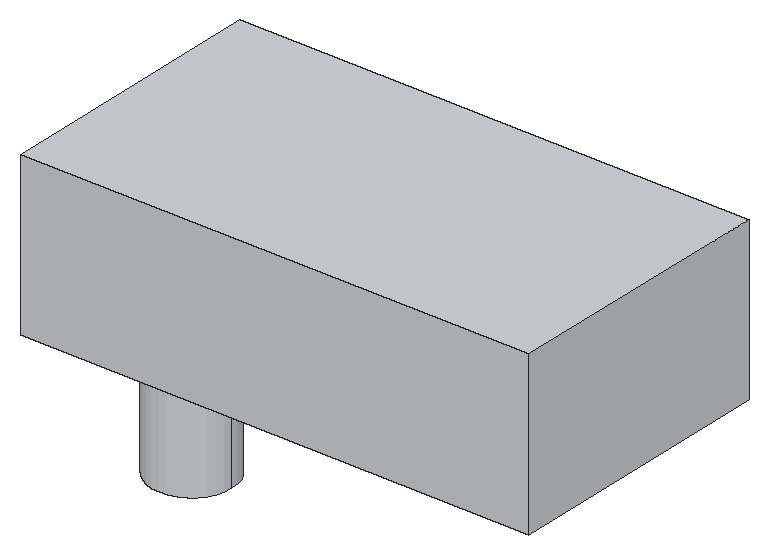
Revit family "StructuralFoundations_PileFoundation-Freeform", category Structural Foundations, Revit 2022
Family settings
  Material for Model Behavior = Concrete
  Cap = Yes
  OmniClass Number = 23.25.05.00
  OmniClass Title = Foundations
  Work Plane-Based = Yes
  Always vertical = Yes
  Cut with Voids When Loaded = No
  Shared = Yes
Parameters (values of type "PileFoundation_Freeform")
  Width = 0 mm
  Void Position Top = ((Depth - Pile Embedment) * -1)  # -925 mm
  VL_STR/GEO DA1 COMB 2 Min (kN) [instance] = ""
  VL_STR/GEO DA1 COMB 2 Max (kN) [instance] = ""
  VL_STR/GEO DA1 COMB 1 Min (kN) [instance] = ""
  VL_STR/GEO DA1 COMB 1 Max (kN) [instance] = ""
  VL_SLS Min (kN) [instance] = ""
  VL_SLS Max (kN) [instance] = ""
  VL_ADD. LIMIT STATE Min (kN) [instance] = ""
  VL_ADD. LIMIT STATE Max (kN) [instance] = ""
  Tension/Compression [instance] = ""
  Structural Material = <By Category>
  Radius = 250 mm
  Pile Insertion Vertical Offset = Depth * -1  # -1000 mm
  Pile Embedment Numerical = Pile Embedment / 1 mm  # 75
  Pile Embedment = 75 mm  # constant formula
  Pile Depth Numerical [instance] = Pile Depth / 1 mm  # 1000
  Pile Depth [instance] = 1000 mm
  ML_STR/GEO DA1 COMB 2 Max (kNm) [instance] = ""
  ML_STR/GEO DA1 COMB 1 Max (kNm) [instance] = ""
  ML_SLS Max (kNm) [instance] = ""
  ML_ADD. LIMIT STATE Max (kNm) [instance] = ""
  Length = 0 mm
  HL_STR/GEO DA1 COMB 2 Max (kN) [instance] = ""
  HL_STR/GEO DA1 COMB 1 Max (kN) [instance] = ""
  HL_SLS Max (kN) [instance] = ""
  HL_ADD. LIMIT STATE Max (kN) [instance] = ""
  Foundation Thickness = Depth  # 1000 mm
  Diameter = Radius * 2  # 500 mm
  Depth = 1000 mm
  Default Elevation = 0 mm
  Assembly Code = ""
Reference planes
  plane 1 "Center (Front/Back)": y = 0
  plane 2: z = 0
  plane 3 "Center (Left/Right)": x = 0
  plane 4: x = -750
  plane 5: x = 750
Forms (mm)
  Extrusion 1, solid
    sketch origin (0, 0, 0) x (1, 0, 0) y (0, 1, 0)
      loop
        line (-1572.829, 850.191) -> (-1572.829, -850.191) -> (1572.829, -850.191) -> (1572.829, 850.191) -> (-1572.829, 850.191)
    from -1000 to 0
  Extrusion 2, void
    sketch origin (0, -538.916, 0) x (1, 0, 0) y (0, 1, 0)
      loop
        circle (-1195.348, 538.916) r 250
    from -1000 <- "Pile Insertion Vertical Offset" to -925 <- "Void Position Top"
Cuts and joins
  Extrusion 2 cuts Extrusion 1
Dimensions and locks
  equal spacing: plane 4, plane 3 "Center (Left/Right)", plane 5
  plane 2 to Extrusion 1 = 1000 mm
  equal spacing: Extrusion 1, plane 3 "Center (Left/Right)", Extrusion 1
  equal spacing: Extrusion 1, plane 1 "Center (Front/Back)", Extrusion 1
  "Radius": radius of Extrusion 2 sketch curve
  aligned and locked: level to Extrusion 1
  aligned and locked: plane 1 "Center (Front/Back)" to nested 1
Automatic sketch dimensions
  Extrusion 2 sketch curve to plane 4 = 445.348 mm
  Extrusion 2 sketch curve to plane 1 "Center (Front/Back)" = 0 mm
  Extrusion 1 sketch curve to plane 4 = 822.829 mm
  plane 5 to Extrusion 1 sketch curve = 822.829 mm
  plane 1 "Center (Front/Back)" to Extrusion 1 sketch curve = 850.191 mm
  Extrusion 1 sketch curve to plane 1 "Center (Front/Back)" = 850.191 mm
Nested families
  nested 1: "StructuralFoundations_PileFoundation_Pile" at (-1191.89, 0, -1000), Height Offset From Level <- "Pile Insertion Vertical Offset", HL_ADD. LIMIT STATE Max (kN) <- "HL_ADD. LIMIT STATE Max (kN)", HL_SLS Max (kN) <- "HL_SLS Max (kN)", HL_STR/GEO DA1 COMB 1 Max (kN) <- "HL_STR/GEO DA1 COMB 1 Max (kN)", HL_STR/GEO DA1 COMB 2 Max (kN) <- "HL_STR/GEO DA1 COMB 2 Max (kN)", ML_ADD. LIMIT STATE Max (kNm) <- "ML_ADD. LIMIT STATE Max (kNm)", ML_SLS Max (kNm) <- "ML_SLS Max (kNm)", ML_STR/GEO DA1 COMB 1 Max (kNm) <- "ML_STR/GEO DA1 COMB 1 Max (kNm)", ML_STR/GEO DA1 COMB 2 Max (kNm) <- "ML_STR/GEO DA1 COMB 2 Max (kNm)", Tension/Compression <- "Tension/Compression", VL_ADD. LIMIT STATE Max (kN) <- "VL_ADD. LIMIT STATE Max (kN)", VL_ADD. LIMIT STATE Min (kN) <- "VL_STR/GEO DA1 COMB 1 Min (kN)", VL_SLS Max (kN) <- "VL_SLS Max (kN)", VL_SLS Min (kN) <- "VL_SLS Min (kN)", VL_STR/GEO DA1 COMB 1 Max (kN) <- "VL_STR/GEO DA1 COMB 1 Max (kN)", VL_STR/GEO DA1 COMB 1 Min (kN) <- "VL_STR/GEO DA1 COMB 1 Min (kN)", VL_STR/GEO DA1 COMB 2 Max (kN) <- "VL_STR/GEO DA1 COMB 2 Max (kN)", VL_STR/GEO DA1 COMB 2 Min (kN) <- "VL_STR/GEO DA1 COMB 2 Min (kN)", Pile Depth <- "Pile Depth", type "Freeform_Pile"
    with VL_STR/GEO DA1 COMB 2 Min (kN) "", VL_STR/GEO DA1 COMB 2 Max (kN) "", VL_STR/GEO DA1 COMB 1 Min (kN) "", VL_STR/GEO DA1 COMB 1 Max (kN) "", VL_SLS Min (kN) "", VL_SLS Max (kN) "", VL_ADD. LIMIT STATE Min (kN) "", VL_ADD. LIMIT STATE Max (kN) "", Tension/Compression "", Pile Length 1075 mm, Pile Embedment Numerical 75, Pile Embedment 75 mm, Pile Depth Numerical 1000, Pile Depth 1000 mm, ML_STR/GEO DA1 COMB 2 Max (kNm) "", ML_STR/GEO DA1 COMB 1 Max (kNm) "", ML_SLS Max (kNm) "", ML_ADD. LIMIT STATE Max (kNm) "", Lightning Protection no, HL_STR/GEO DA1 COMB 2 Max (kN) "", HL_STR/GEO DA1 COMB 1 Max (kN) "", HL_SLS Max (kN) "", HL_ADD. LIMIT STATE Max (kN) ""
Definition of nested family "StructuralFoundations_PileFoundation_Pile"
  Parameters (values of type "Freeform_Pile")
    VL_STR/GEO DA1 COMB 2 Min (kN) [instance] = ""
    VL_STR/GEO DA1 COMB 2 Max (kN) [instance] = ""
    VL_STR/GEO DA1 COMB 1 Min (kN) [instance] = ""
    VL_STR/GEO DA1 COMB 1 Max (kN) [instance] = ""
    VL_SLS Min (kN) [instance] = ""
    VL_SLS Max (kN) [instance] = ""
    VL_ADD. LIMIT STATE Min (kN) [instance] = ""
    VL_ADD. LIMIT STATE Max (kN) [instance] = ""
    Type Comments = ""
    Tension/Compression [instance] = ""
    Structural Material = (empty or 0)
    Radius = 250 mm
    Pile Offset Line Vis 3Ø = no
    Pile Offset Line Vis 2.5Ø = no
    Pile Offset Line 3Ø = Diameter * 3  # 1500 mm
    Pile Offset Line 2.5Ø = Diameter * 2.5  # 1250 mm
    Pile Length [instance] = Pile Depth + Pile Embedment  # 1575 mm
    Pile Embedment Numerical [instance] = Pile Embedment / 1 mm  # 75
    Pile Embedment [instance] = 75 mm  # constant formula
    Pile Depth Numerical [instance] = Pile Depth / 1 mm  # 1500
    Pile Depth [instance] = 1500 mm
    ML_STR/GEO DA1 COMB 2 Max (kNm) [instance] = ""
    ML_STR/GEO DA1 COMB 1 Max (kNm) [instance] = ""
    ML_SLS Max (kNm) [instance] = ""
    ML_ADD. LIMIT STATE Max (kNm) [instance] = ""
    Lightning Protection [instance] = no
    Keynote = ""
    HL_STR/GEO DA1 COMB 2 Max (kN) [instance] = ""
    HL_STR/GEO DA1 COMB 1 Max (kN) [instance] = ""
    HL_SLS Max (kN) [instance] = ""
    HL_ADD. LIMIT STATE Max (kN) [instance] = ""
    Diameter = Radius * 2  # 500 mm
    Description = ""
    Assembly Code = ""
  Reference planes
    plane 1 "Center (Front/Back)": y = 0
    plane 2: z = 0
    plane 3 "Center (Left/Right)": x = 0
    plane 4: z = -1500
    plane 5: z = 75
  Forms (mm)
    Extrusion 1, solid
      sketch origin (0, 0, 0) x (1, 0, 0) y (0, 1, 0)
        loop
          circle (0, 0) r 250
      from -1500 to 75
  Lines and regions (mm)
    symbolic lines
      curve 1: line (-250, 0, 75) -> (250, 0, 75)
      curve 2: line (250, 0, 75) -> (250, 0, 0)
      curve 3: line (-250, 0, 75) -> (-250, 0, 0)
      curve 4: line (0, 250, 75) -> (0, -250, 75)
      curve 5: line (0, -250, 75) -> (0, -250, 0)
      curve 6: line (0, 250, 75) -> (0, 250, 0)
    symbolic lines, visible <- "Pile Offset Line Vis 3Ø"
      curve 7: circle (0, 0, 0) r 1500 normal (0, 0, 1)
    symbolic lines, visible <- "Pile Offset Line Vis 2.5Ø"
      curve 8: circle (0, 0, 0) r 1250 normal (0, 0, 1)
  Dimensions and locks
    equal spacing: curve 3, plane 3 "Center (Left/Right)", curve 2
    "Diameter": curve 3 to curve 2
    equal spacing: curve 6, plane 1 "Center (Front/Back)", curve 5
    "Diameter": curve 6 to curve 5
    "Pile Depth": plane 2 to plane 4
    "Pile Embedment": Extrusion 1 to level
    locked: plane 5 to plane 2 at 75
    "Radius": radius of Extrusion 1 sketch curve
    "Radius": radius of Extrusion 1
    "Pile Offset Line 3Ø": radius of curve 7
    "Pile Offset Line 2.5Ø": radius of curve 8
    aligned and locked: Extrusion 1 to plane 4
  Automatic sketch dimensions
    plane 1 "Center (Front/Back)" to Extrusion 1 sketch curve = 0 mm
    Extrusion 1 sketch curve to plane 3 "Center (Left/Right)" = 0 mm
    curve 2 to level = 0 mm
    curve 3 to level = 0 mm
    curve 5 to level = 0 mm
    curve 6 to level = 0 mm
    curve 7 to curve 8 = 0 mm  (x2)
    plane 1 "Center (Front/Back)" to curve 8 = 0 mm
    curve 8 to plane 3 "Center (Left/Right)" = 0 mm
    level to curve 2 = 75 mm
    level to curve 5 = 75 mm
